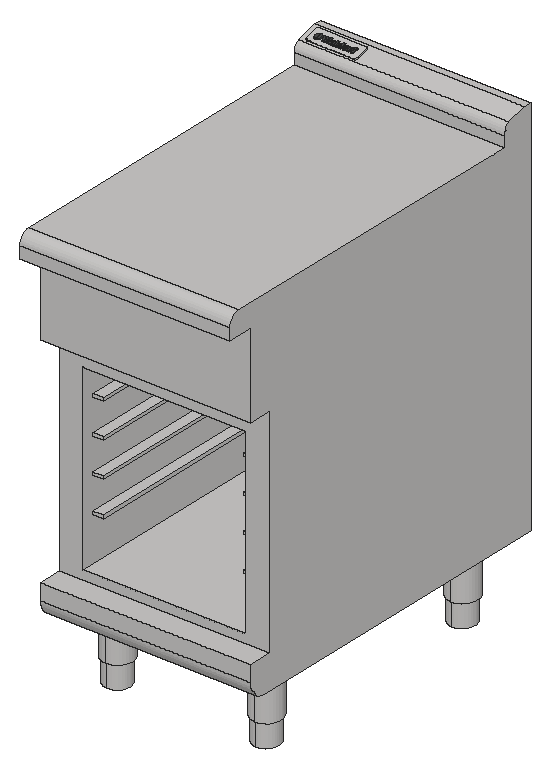
Revit family "QF_MOFFAT WALDORF_BTL8450-CB", category Specialty Equipment, Revit 2012
Parameters
  Weight in Pounds = 114.6402  # constant formula
  Width [instance] = 450.00 mm  # constant formula
  URL Cutsheet = "www.moffat.com"
  URL = "www.moffat.com"
  Type Mark [instance] = ""
  Status [instance] = ""
  Specification by User [instance] = ""
  Specification by Manufacturer = ""
  Show Logo [instance] = yes
  Show Casters [instance] = no
  Serial Number = ""
  Seismic Rating = ""
  SMACNA No = ""
  Revision Code [instance] = ""
  Omniclass Number and Title = ""
  NAFEM Spec ID Number = ""
  Model = "BTL8450-CB"
  Masterspec = ""
  Manufacturer = "MOFFAT WALDORF"
  Legs [instance] = not(Show Casters)  # yes
  Item Number [instance] = ""
  Installed By [instance] = ""
  Identify Quantity as Lot [instance] = yes
  Height = 972.00 mm  # constant formula
  Furnished By [instance] = ""
  Foodservice Equipment Identifier [instance] = yes
  Description = "BENCH TOP LOW SPLASHBACK ON CABINET BASE"
  Depth [instance] = 805.00 mm  # constant formula
  CSI MasterFormat = ""
  CSI Master Format = ""
  Back Splash [instance] = 57.00 mm  # constant formula
Reference planes
  plane 1 "BACK": y = 0
  plane 2: z = 0
  plane 3 "LEFT": x = 0
  plane 4 "RIGHT": x = 450
  plane 5 "FRONT": y = -805
  plane 6 "TOP": z = 972
  plane 7 "Center Y": x = 225
  plane 8 "Center X": y = -402.5
  plane 9 "Base Height": z = 150
  plane 10: z = 915
  plane 11: x = 65
  plane 12: x = 384
  plane 13: y = -625
  plane 14: y = -100
Forms (mm)
  Extrusion 1, solid, material "QF_Finishes_Stainless Steel"
    sketch origin (0, 0, 0) x (0, 1, 0) y (0, 0, 1)
      loop
        line (-70, 222.5) -> (-749, 222.5) -> (-749, 188)
        arc (-749, 188) -> (-737.87, 161.13) -> (-711, 150) r 38
        line (-711, 150) -> (0, 150) -> (0, 972) -> (-16.5, 972) -> (-58, 960.88)
        arc (-58, 960.88) -> (-66.785, 952.095) -> (-70, 940.095) r 24
        line (-70, 940.095) -> (-70, 917) -> (-781, 917)
        arc (-781, 917) -> (-797.971, 909.971) -> (-805, 893) r 24
        line (-805, 893) -> (-805, 868) -> (-749, 868) -> (-749, 687) -> (-70, 687) -> (-70, 222.5)
    from 0 to 450
  Revolve 2, solid, material "QF_Finishes_Stainless Steel", visible <- "Legs"
    sketch origin (65, -165, 0) x (0, 1, 0) y (0, 0, 1)
      loop
        line (33.25, 150) -> (33.25, 50) -> (37.5, 50) -> (37.5, 0) -> (65, 0) -> (65, 150) -> (33.25, 150)
      axis (65, 150) -> (65, 0)
    angle from 0 to 360
  Revolve 3, solid, material "QF_Finishes_Stainless Steel"
    sketch origin (65, -735, 0) x (0, 1, 0) y (0, 0, 1)
      loop
        line (78.25, 150) -> (78.25, 50) -> (82.5, 50) -> (82.5, 0) -> (110, 0) -> (110, 150) -> (78.25, 150)
      axis (110, 150) -> (110, 0)
    angle from 0 to 360
  Revolve 4, solid, material "QF_Finishes_Stainless Steel", visible <- "Legs"
    sketch origin (384, -165, 0) x (0, 1, 0) y (0, 0, -1)
      loop
        line (33.25, -150) -> (65, -150) -> (65, 0) -> (37.5, 0) -> (37.5, -50) -> (33.25, -50) -> (33.25, -150)
      axis (65, -150) -> (65, 0)
    angle from 0 to 360
  Revolve 5, solid, material "QF_Finishes_Stainless Steel"
    sketch origin (384, -735, 0) x (0, 1, 0) y (0, 0, -1)
      loop
        line (78.25, -150) -> (110, -150) -> (110, 0) -> (82.5, 0) -> (82.5, -50) -> (78.25, -50) -> (78.25, -150)
      axis (110, -150) -> (110, 0)
    angle from 0 to 360
  Extrusion 6, solid, material "QF_Finishes_Stainless Steel"
    sketch origin (0, -70, 1085.255) x (0, 0, -1) y (1, 0, 0)
      loop
        line (453.255, 400) -> (453.255, 50) -> (842.755, 50) -> (842.755, 400) -> (453.255, 400)
      loop
        line (398.255, 0) -> (862.755, 0) -> (862.755, 450) -> (398.255, 450) -> (398.255, 0)
    from 0 to 629
  Extrusion 7, solid, material "QF_Finishes_Stainless Steel"
    sketch origin (0, -70, 1085.255) x (0, 0, -1) y (1, 0, 0)
      loop
        line (596.505, 400) -> (590.155, 400) -> (590.155, 375) -> (596.505, 375) -> (596.505, 400)
      loop
        line (671.505, 400) -> (665.155, 400) -> (665.155, 375) -> (671.505, 375) -> (671.505, 400)
      loop
        line (671.505, 50) -> (671.505, 75) -> (665.155, 75) -> (665.155, 50) -> (671.505, 50)
      loop
        line (590.155, 75) -> (590.155, 50) -> (596.505, 50) -> (596.505, 75) -> (590.155, 75)
      loop
        line (746.505, 400) -> (740.155, 400) -> (740.155, 375) -> (746.505, 375) -> (746.505, 400)
      loop
        line (746.505, 50) -> (746.505, 75) -> (740.155, 75) -> (740.155, 50) -> (746.505, 50)
      loop
        line (521.505, 400) -> (515.155, 400) -> (515.155, 375) -> (521.505, 375) -> (521.505, 400)
      loop
        line (515.155, 75) -> (515.155, 50) -> (521.505, 50) -> (521.505, 75) -> (515.155, 75)
    from 0 to 604
Cuts and joins
  joined: Extrusion 1, Extrusion 6
Lines and regions (mm)
  symbolic lines
    curve 1: line (0, 0, 0) -> (0, -805, 0)
    curve 2: line (450, 0, 0) -> (0, 0, 0)
    curve 3: line (450, -805, 0) -> (450, 0, 0)
    curve 4: line (0, -70, 0) -> (450, -70, 0)
    curve 5: line (0, -805, 0) -> (450, -805, 0)
    curve 6: line (12.5, -20.958, 0) -> (121.5, -20.958, 0)
    curve 7: line (12.5, -51.234, 0) -> (12.5, -20.958, 0)
    curve 8: line (121.5, -20.958, 0) -> (121.5, -51.234, 0)
    curve 9: line (12.5, -51.234, 0) -> (121.5, -51.234, 0)
Dimensions and locks
  equal spacing: plane 3 "LEFT", plane 7 "Center Y", plane 4 "RIGHT"
  "Width": plane 3 "LEFT" to plane 4 "RIGHT"
  equal spacing: plane 5 "FRONT", plane 8 "Center X", plane 1 "BACK"
  "Depth": plane 5 "FRONT" to plane 1 "BACK"
  locked: plane 10 to level at 915
  locked: plane 9 "Base Height" to level at 150
  plane 6 "TOP" to plane 10 = 57.00 mm
  plane 13 to plane 14 = 525.00 mm
  plane 12 to plane 11 = 319.00 mm
  "Height": plane 6 "TOP" to level
  aligned and locked: level to plane 2
Automatic sketch dimensions
  Revolve 2 sketch curve to plane 9 "Base Height" = 0.00 mm
  Revolve 2 sketch curve to level = 0.00 mm
  level to Revolve 2 sketch curve = 50.00 mm
  plane 1 "BACK" to Revolve 2 sketch curve = 131.75 mm
  Revolve 2 sketch curve to Revolve 2 sketch curve = 4.25 mm
  Revolve 2 sketch curve to Revolve 2 sketch curve = 27.50 mm  (x2)
  Revolve 2 sketch curve to level = 55.00 mm
  Revolve 2 sketch curve to Revolve 2 sketch curve = 0.00 mm
  Revolve 3 sketch curve to plane 9 "Base Height" = 0.00 mm
  Revolve 3 sketch curve to level = 0.00 mm
  level to Revolve 3 sketch curve = 50.00 mm
  Revolve 3 sketch curve to plane 5 "FRONT" = 148.25 mm
  Revolve 3 sketch curve to Revolve 3 sketch curve = 4.25 mm
  Revolve 3 sketch curve to Revolve 3 sketch curve = 27.50 mm  (x2)
  Revolve 3 sketch curve to level = 55.00 mm
  Revolve 3 sketch curve to Revolve 3 sketch curve = 0.00 mm
  Revolve 4 sketch curve to plane 9 "Base Height" = 0.00 mm
  Revolve 4 sketch curve to level = 0.00 mm
  level to Revolve 4 sketch curve = 50.00 mm
  plane 1 "BACK" to Revolve 4 sketch curve = 131.75 mm
  Revolve 4 sketch curve to Revolve 4 sketch curve = 4.25 mm
  Revolve 4 sketch curve to Revolve 4 sketch curve = 27.50 mm  (x2)
  Revolve 4 sketch curve to Revolve 4 sketch curve = 0.00 mm
  Revolve 4 sketch curve to Revolve 4 sketch curve = 55.00 mm
  Revolve 5 sketch curve to plane 9 "Base Height" = 0.00 mm
  Revolve 5 sketch curve to level = 0.00 mm
  level to Revolve 5 sketch curve = 50.00 mm
  Revolve 5 sketch curve to plane 5 "FRONT" = 148.25 mm
  Revolve 5 sketch curve to Revolve 5 sketch curve = 4.25 mm
  Revolve 5 sketch curve to Revolve 5 sketch curve = 27.50 mm  (x2)
  Revolve 5 sketch curve to Revolve 5 sketch curve = 0.00 mm
  Revolve 5 sketch curve to Revolve 5 sketch curve = 55.00 mm
  Extrusion 1 to Extrusion 6 sketch curve = 50.00 mm  (x2)
  Extrusion 1 to Extrusion 6 sketch curve = 20.00 mm
  Extrusion 6 sketch curve to Extrusion 1 = 0.00 mm  (x4)
  Extrusion 1 to Extrusion 6 sketch curve = 55.00 mm
  Extrusion 7 sketch curve to plane 11 = 15.00 mm  (x4)
  Extrusion 7 sketch curve to plane 10 = 344.90 mm
  Extrusion 7 sketch curve to plane 12 = 16.00 mm  (x4)
  Extrusion 7 sketch curve to Extrusion 7 sketch curve = 0.00 mm
  Extrusion 7 sketch curve to Extrusion 7 sketch curve = 6.35 mm  (x8)
  plane 11 to Extrusion 7 sketch curve = 10.00 mm  (x4)
  Extrusion 7 sketch curve to Extrusion 7 sketch curve = 68.65 mm  (x6)
  plane 12 to Extrusion 7 sketch curve = 9.00 mm  (x4)
  plane 1 "BACK" to curve 1 = 0.00 mm
  curve 1 to plane 3 "LEFT" = 0.00 mm
  curve 3 to plane 4 "RIGHT" = 0.00 mm
  plane 5 "FRONT" to curve 5 = 0.00 mm
  plane 3 "LEFT" to curve 6 = 12.50 mm
  plane 11 to curve 9 = 56.50 mm
  plane 14 to curve 4 = 30.00 mm
  curve 4 to curve 7 = 18.766 mm
  plane 1 "BACK" to curve 6 = 20.958 mm
  Extrusion 1 sketch curve to plane 5 "FRONT" = 0.00 mm
  plane 10 to Extrusion 1 sketch curve = 2.00 mm
  Extrusion 1 sketch curve to plane 9 "Base Height" = 0.00 mm
  Extrusion 1 sketch curve to plane 6 "TOP" = 0.00 mm
  Extrusion 1 sketch curve to plane 1 "BACK" = 0.00 mm
  Extrusion 1 sketch curve to plane 5 "FRONT" = 24.00 mm
  Extrusion 1 sketch curve to plane 5 "FRONT" = 56.00 mm  (x2)
  Extrusion 1 sketch curve to Extrusion 1 sketch curve = 38.00 mm
  plane 14 to Extrusion 1 sketch curve = 30.00 mm  (x2)
  Extrusion 1 sketch curve to plane 6 "TOP" = 11.12 mm
  Extrusion 1 sketch curve to Extrusion 1 sketch curve = 12.00 mm  (x2)
  plane 1 "BACK" to Extrusion 1 sketch curve = 16.50 mm
  Extrusion 1 sketch curve to Extrusion 1 sketch curve = 34.50 mm
  Extrusion 1 sketch curve to Extrusion 1 sketch curve = 230.00 mm
  Extrusion 1 sketch curve to Extrusion 1 sketch curve = 25.00 mm
Nested families
  nested 1: "BTL8450-CB-CASTERS" at (65, -100, 0), Show Casters <- "Show Casters", visible <- "Show Casters", type "BTL8450-CB-CASTERS"
    with Type Mark "", Status "", Specification by User "", Show Casters no, Revision Code "", Item Number "", Installed By "", Identify Quantity as Lot yes, Furnished By "", Foodservice Equipment Identifier yes
  nested 2: "BTL8450-CB-CASTERS" at (385, -100, 0), Show Casters <- "Show Casters", visible <- "Show Casters", type "BTL8450-CB-CASTERS"
    with Type Mark "", Status "", Specification by User "", Show Casters no, Revision Code "", Item Number "", Installed By "", Identify Quantity as Lot yes, Furnished By "", Foodservice Equipment Identifier yes
  nested 3: "WALDORF-LOGO" at (11, -38.177, 937.912), visible <- "Show Logo", type "WALDORF-LOGO", detail levels medium+fine
    with Type Mark "", Status "", Specification by User "", Show Logo yes, Revision Code "", Item Number "", Installed By "", Identify Quantity as Lot yes, Furnished By "", Foodservice Equipment Identifier yes
Definition of nested family "WALDORF-LOGO"
  Parameters (values of type "WALDORF-LOGO")
    Weight in Pounds = 0
    URL Cutsheet = ""
    Type Mark [instance] = ""
    Status [instance] = ""
    Specification by User [instance] = ""
    Specification by Manufacturer = ""
    Show Logo [instance] = yes
    Serial Number = ""
    Seismic Rating = ""
    SMACNA No = ""
    Revision Code [instance] = ""
    Omniclass Number and Title = ""
    NAFEM Spec ID Number = ""
    Masterspec = ""
    Item Number [instance] = ""
    Installed By [instance] = ""
    Identify Quantity as Lot [instance] = yes
    Furnished By [instance] = ""
    Foodservice Equipment Identifier [instance] = yes
    CSI MasterFormat = ""
    CSI Master Format = ""
  Reference planes
    plane 1 "BACK": y = 0
    plane 2: z = 0
    plane 3 "LEFT": x = 0
    plane 4 "RIGHT": x = 109
    plane 5 "FRONT": y = -1.588
    plane 6 "TOP": z = 34.14
    plane 7 "Center Y": x = 54.5
    plane 8 "Center X": y = -0.794
    plane 9: through (-6096, 21.87, 34.14) normal (0, -0.2588, 0.9659)
  Forms (mm)
    Extrusion 1, solid, material "QF_Finishes_Stainless Steel", visible <- "Show Logo"
      sketch origin (0, -16.636, 23.822) x (1, 0, 0) y (0, 0.965926, 0.258819)
        loop
          arc (5, 34.14) -> (1.464, 32.676) -> (0, 29.14) r 5
          line (0, 29.14) -> (0, 5)
          arc (0, 5) -> (1.464, 1.464) -> (5, 0) r 5
          line (5, 0) -> (104, 0)
          arc (104, 0) -> (107.536, 1.464) -> (109, 5) r 5
          line (109, 5) -> (109, 29.14)
          arc (109, 29.14) -> (107.536, 32.676) -> (104, 34.14) r 5
          line (104, 34.14) -> (5, 34.14)
      from 0 to 1.588
    Extrusion 2, solid, material "QF_Finishes_Black", visible <- "Show Logo"
      sketch origin (0, -17.047, 25.356) x (1, 0, 0) y (0, 0.965926, 0.258819)
        loop
          line (24.772, 23.214) -> (27.992, 10.301) -> (31.551, 10.301) -> (33.443, 17.364) -> (35.205, 10.301) -> (39.332, 10.301) -> (42.077, 23.214) -> (38.352, 23.214) -> (36.676, 15.33) -> (35, 23.214) -> (31.752, 23.214) -> (30.076, 15.33) -> (28.4, 23.214) -> (24.772, 23.214)
        loop
          line (42.272, 17.055) -> (45.703, 17.055)
          spline (45.703, 17.055) -> (45.741, 17.285) -> (45.852, 17.499) -> (46.028, 17.682) -> (46.258, 17.823) -> (46.526, 17.912) -> (46.813, 17.942) -> (47.1, 17.912) -> (47.368, 17.823) -> (47.597, 17.682) -> (47.774, 17.499) -> (47.884, 17.285) -> (47.922, 17.055)
          line (47.922, 17.055) -> (47.922, 16.222)
          arc (47.922, 16.222) -> (45.742, 16.014) -> (43.665, 15.317) r 9.604
          arc (43.665, 15.317) -> (41.924, 12.809) -> (43.665, 10.301) r 2.677
          arc (43.665, 10.301) -> (45.527, 10.353) -> (47.332, 10.816) r 8.365
          line (47.332, 10.816) -> (48.092, 11.105) -> (48.092, 10.301) -> (51.817, 10.301) -> (51.817, 17.055)
          spline (51.817, 17.055) -> (51.654, 17.821) -> (51.178, 18.535) -> (50.419, 19.148) -> (49.431, 19.619) -> (48.28, 19.914) -> (47.044, 20.015) -> (45.809, 19.914) -> (44.658, 19.619) -> (43.67, 19.148) -> (42.911, 18.535) -> (42.434, 17.821) -> (42.272, 17.055)
        loop
          line (53.151, 23.214) -> (53.151, 10.301) -> (57.37, 10.301) -> (57.37, 23.214) -> (53.151, 23.214)
        loop
          line (64.874, 23.214) -> (64.874, 18.857)
          arc (64.874, 18.857) -> (58.083, 15.11) -> (64.874, 11.363) r 4.429
          line (64.874, 11.363) -> (64.874, 10.301) -> (68.378, 10.301) -> (68.378, 23.214) -> (64.874, 23.214)
        loop
          arc (64.874, 16.083) -> (61.41, 14.987) -> (64.874, 13.891) r 1.905
          line (64.874, 13.891) -> (64.874, 16.083)
        loop
          circle (74.623, 15.223) r 5
        loop
          spline (74.623, 17.856) -> (74.355, 17.766) -> (74.105, 17.503) -> (73.891, 17.084) -> (73.726, 16.539) -> (73.623, 15.904) -> (73.588, 15.223) -> (73.623, 14.541) -> (73.726, 13.906) -> (73.891, 13.361) -> (74.105, 12.942) -> (74.355, 12.679) -> (74.623, 12.59)
          spline (74.623, 12.59) -> (74.891, 12.679) -> (75.141, 12.942) -> (75.355, 13.361) -> (75.52, 13.906) -> (75.623, 14.541) -> (75.659, 15.223) -> (75.623, 15.904) -> (75.52, 16.539) -> (75.355, 17.084) -> (75.141, 17.503) -> (74.891, 17.766) -> (74.623, 17.856)
        loop
          line (81.255, 19.813) -> (81.255, 10.301) -> (84.834, 10.301) -> (84.834, 14.176)
          arc (84.834, 14.176) -> (85.854, 16.093) -> (88.013, 16.32) r 2.313
          line (88.013, 16.32) -> (88.013, 19.813) -> (87.161, 19.813)
          arc (87.161, 19.813) -> (85.526, 19.266) -> (84.549, 17.844) r 2.717
          line (84.549, 17.844) -> (84.549, 19.813) -> (81.255, 19.813)
        loop
          line (90.249, 19.813) -> (88.91, 19.813) -> (88.91, 17.614) -> (90.249, 17.614) -> (90.249, 10.301) -> (93.998, 10.301) -> (93.998, 17.614) -> (95.418, 17.614) -> (95.418, 19.813) -> (93.998, 19.813)
          arc (93.998, 19.813) -> (94.414, 20.817) -> (95.418, 21.233) r 1.42
          line (95.418, 21.233) -> (95.418, 23.602) -> (93.317, 23.602)
          arc (93.317, 23.602) -> (91.343, 22.903) -> (90.249, 21.118) r 3.137
          line (90.249, 21.118) -> (90.249, 19.813)
        loop
          arc (15.241, 23.571) -> (8.392, 16.525) -> (15.241, 9.479) r 7.049
          line (15.241, 9.479) -> (15.241, 23.571)
        loop
          line (15.641, 23.571) -> (15.641, 9.479)
          arc (15.641, 9.479) -> (22.49, 16.525) -> (15.641, 23.571) r 7.049
        loop
          arc (47.922, 14.711) -> (46.266, 13.749) -> (47.922, 12.787) r 1.107
          line (47.922, 12.787) -> (47.922, 14.711)
      from 0 to 0.2
  Dimensions and locks
    equal spacing: plane 3 "LEFT", plane 7 "Center Y", plane 4 "RIGHT"
    plane 3 "LEFT" to plane 4 "RIGHT" = 109.00 mm
    equal spacing: plane 5 "FRONT", plane 8 "Center X", plane 1 "BACK"
    plane 5 "FRONT" to plane 1 "BACK" = 1.588 mm
    aligned and locked: level to plane 2
  Automatic sketch dimensions
    Extrusion 1 sketch curve to plane 3 "LEFT" = 0.00 mm
    Extrusion 1 sketch curve to plane 4 "RIGHT" = 0.00 mm
    plane 3 "LEFT" to Extrusion 1 sketch curve = 5.00 mm  (x2)
    plane 4 "RIGHT" to Extrusion 1 sketch curve = 5.00 mm  (x2)
    Extrusion 1 sketch curve to Extrusion 1 sketch curve = 24.14 mm
    Extrusion 2 sketch curve to Extrusion 2 sketch curve = 0.00 mm  (x14)
    Extrusion 2 sketch curve to Extrusion 1 = 15.241 mm
    Extrusion 2 sketch curve to Extrusion 2 sketch curve = 0.20 mm
    Extrusion 2 sketch curve to Extrusion 2 sketch curve = 0.40 mm
    Extrusion 2 sketch curve to Extrusion 2 sketch curve = 9.131 mm
    Extrusion 2 sketch curve to Extrusion 1 = 10.301 mm  (x2)
    Extrusion 2 sketch curve to Extrusion 2 sketch curve = 12.351 mm
    Extrusion 2 sketch curve to Extrusion 2 sketch curve = 3.628 mm
    Extrusion 2 sketch curve to Extrusion 2 sketch curve = 2.084 mm
    Extrusion 2 sketch curve to Extrusion 2 sketch curve = 3.559 mm
    Extrusion 2 sketch curve to Extrusion 1 = 10.926 mm  (x2)
    Extrusion 2 sketch curve to Extrusion 2 sketch curve = 3.352 mm  (x2)
    Extrusion 2 sketch curve to Extrusion 2 sketch curve = 3.367 mm
    Extrusion 2 sketch curve to Extrusion 2 sketch curve = 3.249 mm
    Extrusion 2 sketch curve to Extrusion 2 sketch curve = 3.654 mm
    Extrusion 2 sketch curve to Extrusion 1 = 15.33 mm
    Extrusion 2 sketch curve to Extrusion 2 sketch curve = 3.233 mm
    Extrusion 2 sketch curve to Extrusion 2 sketch curve = 4.128 mm
    Extrusion 2 sketch curve to Extrusion 2 sketch curve = 3.725 mm
    Extrusion 2 sketch curve to Extrusion 2 sketch curve = 5.596 mm
    Extrusion 2 sketch curve to Extrusion 2 sketch curve = 4.333 mm
    Extrusion 2 sketch curve to Extrusion 2 sketch curve = 1.394 mm
    Extrusion 2 sketch curve to Extrusion 2 sketch curve = 2.092 mm
    Extrusion 2 sketch curve to Extrusion 2 sketch curve = 0.936 mm
    Extrusion 2 sketch curve to Extrusion 2 sketch curve = 1.34 mm
    Extrusion 2 sketch curve to Extrusion 2 sketch curve = 1.109 mm
    Extrusion 2 sketch curve to Extrusion 2 sketch curve = 0.232 mm
    Extrusion 2 sketch curve to Extrusion 2 sketch curve = 2.731 mm
    Extrusion 2 sketch curve to Extrusion 2 sketch curve = 0.549 mm  (x2)
    Extrusion 2 sketch curve to Extrusion 2 sketch curve = 0.407 mm
    Extrusion 2 sketch curve to Extrusion 2 sketch curve = 0.76 mm
    Extrusion 2 sketch curve to Extrusion 2 sketch curve = 1.334 mm
    Extrusion 2 sketch curve to Extrusion 2 sketch curve = 4.219 mm
    Extrusion 2 sketch curve to Extrusion 2 sketch curve = 5.142 mm
    Extrusion 2 sketch curve to Extrusion 2 sketch curve = 0.803 mm
    Extrusion 2 sketch curve to Extrusion 2 sketch curve = 1.558 mm
    Extrusion 2 sketch curve to Extrusion 2 sketch curve = 3.504 mm
    Extrusion 2 sketch curve to Extrusion 2 sketch curve = 6.245 mm
    Extrusion 2 sketch curve to Extrusion 2 sketch curve = 6.632 mm
    Extrusion 2 sketch curve to Extrusion 2 sketch curve = 3.294 mm
    Extrusion 2 sketch curve to Extrusion 2 sketch curve = 3.579 mm
    Extrusion 2 sketch curve to Extrusion 2 sketch curve = 2.313 mm
    Extrusion 2 sketch curve to Extrusion 2 sketch curve = 2.612 mm
    Extrusion 2 sketch curve to Extrusion 2 sketch curve = 0.852 mm
    Extrusion 2 sketch curve to Extrusion 2 sketch curve = 0.897 mm
    Extrusion 2 sketch curve to Extrusion 2 sketch curve = 3.102 mm
    Extrusion 2 sketch curve to Extrusion 2 sketch curve = 1.338 mm
    Extrusion 2 sketch curve to Extrusion 2 sketch curve = 3.068 mm
    Extrusion 2 sketch curve to Extrusion 2 sketch curve = 0.681 mm
    Extrusion 2 sketch curve to Extrusion 2 sketch curve = 3.749 mm
    Extrusion 2 sketch curve to Extrusion 2 sketch curve = 1.42 mm
    Extrusion 2 sketch curve to Extrusion 2 sketch curve = 5.029 mm  (x2)
    Extrusion 2 sketch curve to Extrusion 1 = 9.479 mm
    Extrusion 2 sketch curve to Extrusion 2 sketch curve = 3.681 mm
    Extrusion 2 sketch curve to Extrusion 2 sketch curve = 0.515 mm
    Extrusion 2 sketch curve to Extrusion 2 sketch curve = 0.804 mm
    Extrusion 2 sketch curve to Extrusion 2 sketch curve = 1.062 mm
    Extrusion 2 sketch curve to Extrusion 2 sketch curve = 1.682 mm
    Extrusion 2 sketch curve to Extrusion 2 sketch curve = 2.508 mm
    Extrusion 2 sketch curve to Extrusion 2 sketch curve = 0.962 mm
    Extrusion 2 sketch curve to Extrusion 2 sketch curve = 2.528 mm
    Extrusion 2 sketch curve to Extrusion 2 sketch curve = 3.875 mm
    Extrusion 2 sketch curve to Extrusion 2 sketch curve = 1.096 mm
    Extrusion 2 sketch curve to Extrusion 2 sketch curve = 0.123 mm
    Extrusion 2 sketch curve to Extrusion 2 sketch curve = 4.922 mm
    Extrusion 2 sketch curve to Extrusion 2 sketch curve = 7.046 mm
    Extrusion 2 sketch curve to Extrusion 2 sketch curve = 0.833 mm
    Extrusion 2 sketch curve to Extrusion 2 sketch curve = 0.776 mm
    Extrusion 2 sketch curve to Extrusion 2 sketch curve = 2.034 mm
    Extrusion 2 sketch curve to Extrusion 2 sketch curve = 7.314 mm
    Extrusion 2 sketch curve to Extrusion 2 sketch curve = 1.295 mm
    Extrusion 2 sketch curve to Extrusion 2 sketch curve = 0.749 mm
    Extrusion 2 sketch curve to Extrusion 2 sketch curve = 2.633 mm
    Extrusion 2 sketch curve to Extrusion 2 sketch curve = 2.198 mm  (x2)
    Extrusion 2 sketch curve to Extrusion 2 sketch curve = 1.968 mm
    Extrusion 2 sketch curve to Extrusion 2 sketch curve = 0.653 mm
    Extrusion 2 sketch curve to Extrusion 2 sketch curve = 1.305 mm
    Extrusion 2 sketch curve to Extrusion 2 sketch curve = 4.357 mm
    Extrusion 2 sketch curve to Extrusion 2 sketch curve = 6.159 mm
    radius of Extrusion 2 sketch curve = 5.00 mm
Definition of nested family "BTL8450-CB-CASTERS"
  Parameters (values of type "BTL8450-CB-CASTERS")
    Weight = ""
    URL Manufacturer = ""
    URL Cutsheet = ""
    URL = ""
    Type Mark [instance] = ""
    Status [instance] = ""
    Specification by User [instance] = ""
    Specification by Manufacturer = ""
    Show Casters [instance] = no
    Serial Number = ""
    Seismic Rating = ""
    SMACNA No = ""
    Revision Code [instance] = ""
    Omniclass Number and Title = ""
    NAFEM Spec ID Number = ""
    Model = ""
    MasterSpec. = ""
    Manufacturer = ""
    Item Number [instance] = ""
    Installed By [instance] = ""
    Identify Quantity as Lot [instance] = yes
    Furnished By [instance] = ""
    Foodservice Equipment Identifier [instance] = yes
    Description = ""
    CSI MasterFormat = ""
    CSI Master Format = ""
    Assembly Code = ""
  Reference planes
    plane 1: z = 0
    plane 2 "RIGHT": x = 0
    plane 3 "FRONT": y = 0
    plane 4 "TOP": z = 150
  Forms (mm)
    Revolve 1, solid, material "QF_Finishes_Stainless Steel", visible <- "Show Casters"
      sketch origin (0, 56.335, 0) x (0, 1, 0) y (0, 0, 1)
        loop
          line (-56.335, 150) -> (-56.335, 141.118) -> (-23.798, 141.118) -> (-23.798, 150) -> (-56.335, 150)
        axis (-56.335, 141.118) -> (-56.335, 150)
      angle from 0 to 360
    Extrusion 2, solid, material "QF_Finishes_Stainless Steel", visible <- "Show Casters"
      sketch origin (-46.049, 56.335, 0) x (0, 1, 0) y (0, 0, 1)
        loop
          line (-85.799, 141.118) -> (-85.799, 133.498) -> (-82.136, 133.498)
          arc (-82.136, 133.498) -> (-79.344, 132.328) -> (-77.146, 130.248) r 8.432
          line (-77.146, 130.248) -> (-39.502, 49.52)
          arc (-39.502, 49.52) -> (-13.784, 46.107) -> (-5.673, 70.75) r 20.32
          arc (-5.673, 70.75) -> (-7.065, 73.611) -> (-8.887, 76.22) r 20.32
          arc (-8.887, 76.22) -> (-9.399, 85.377) -> (-6.626, 94.119) r 25.4
          line (-6.626, 94.119) -> (8.003, 121.632)
          arc (8.003, 121.632) -> (-2.347, 126.31) -> (-13.34, 129.167) r 66.802
          line (-13.34, 129.167) -> (-13.765, 133.498) -> (-26.871, 133.498) -> (-26.871, 141.118) -> (-85.799, 141.118)
      from 20.058 to 22.923
    Extrusion 3, solid, material "QF_Finishes_Stainless Steel", visible <- "Show Casters"
      sketch origin (3.326, 56.335, 0) x (0, 1, 0) y (0, 0, 1)
        loop
          line (-85.799, 141.118) -> (-85.799, 133.498) -> (-82.136, 133.498)
          arc (-82.136, 133.498) -> (-79.344, 132.328) -> (-77.146, 130.248) r 8.432
          line (-77.146, 130.248) -> (-39.502, 49.52)
          arc (-39.502, 49.52) -> (-13.784, 46.107) -> (-5.673, 70.75) r 20.32
          arc (-5.673, 70.75) -> (-7.065, 73.611) -> (-8.887, 76.22) r 20.32
          arc (-8.887, 76.22) -> (-9.399, 85.377) -> (-6.626, 94.119) r 25.4
          line (-6.626, 94.119) -> (8.003, 121.632)
          arc (8.003, 121.632) -> (-2.347, 126.31) -> (-13.34, 129.167) r 66.802
          line (-13.34, 129.167) -> (-13.765, 133.498) -> (-26.871, 133.498) -> (-26.871, 141.118) -> (-85.799, 141.118)
      from 20.058 to 22.923
    Extrusion 4, solid, material "QF_Finishes_Stainless Steel", visible <- "Show Casters"
      sketch origin (-49.224, 56.335, 0) x (0, 1, 0) y (0, 0, 1)
        loop
          line (-85.799, 141.118) -> (-85.799, 133.498) -> (-82.136, 133.498) -> (-18.877, 127.964) -> (7.14, 120.01) -> (8.003, 121.632)
          arc (8.003, 121.632) -> (-2.347, 126.31) -> (-13.34, 129.167) r 66.802
          line (-13.34, 129.167) -> (-13.765, 133.498) -> (-26.871, 133.498) -> (-26.871, 141.118) -> (-85.799, 141.118)
      from 26.098 to 72.56
    Revolve 5, solid, material "QF_Finishes_Stainless Steel", visible <- "Show Casters"
      sketch origin (-49.224, 30.821, 0) x (1, 0, 0) y (0, 0, 1)
        loop
          line (14.841, 63.604) -> (83.584, 63.604) -> (83.584, 67.109) -> (82.314, 68.379) -> (80.79, 68.379) -> (80.79, 71.826) -> (68.644, 71.826) -> (68.644, 81.79) -> (65.088, 83.843) -> (61.683, 104.879) -> (65.881, 104.879) -> (65.881, 111.229) -> (65.088, 111.229) -> (65.088, 117.579)
          arc (65.088, 117.579) -> (62.298, 124.314) -> (55.563, 127.104) r 9.525
          line (55.563, 127.104) -> (42.863, 127.104)
          arc (42.863, 127.104) -> (36.127, 124.314) -> (33.338, 117.579) r 9.525
          line (33.338, 117.579) -> (33.338, 111.229) -> (32.544, 111.229) -> (32.544, 104.879) -> (36.742, 104.879) -> (33.352, 83.932) -> (29.782, 81.871) -> (29.782, 71.826) -> (17.635, 71.826) -> (17.635, 68.379) -> (16.111, 68.379) -> (14.841, 67.109) -> (14.841, 63.604)
        axis (14.841, 63.604) -> (83.584, 63.604)
      angle from 0 to 360
  Cuts and joins
    joined: Extrusion 2, Extrusion 3, Extrusion 4
  Lines and regions (mm)
    symbolic lines, style "SpecialityEquipmentHiddenLines", visible <- "Show Casters"
      curve 1: line (18.009, 67.053, 0) -> (45.595, 51.127, 0)
      curve 2: line (-45.491, -42.932, 0) -> (18.009, 67.053, 0)
      curve 3: line (-17.905, -58.859, 0) -> (-45.491, -42.932, 0)
      curve 4: line (45.595, 51.127, 0) -> (-17.905, -58.859, 0)
  Dimensions and locks
    plane 4 "TOP" to level = 150.00 mm  (x2)
    Revolve 5 sketch curve to Revolve 5 sketch curve = 63.50 mm
    aligned and locked: level to plane 1
